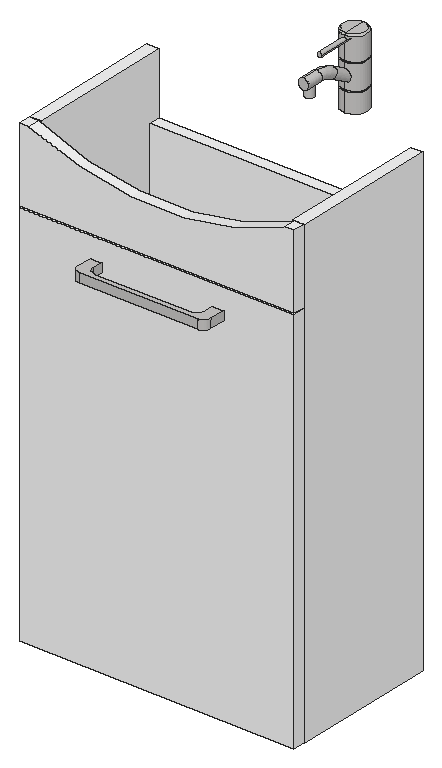
Revit family "42331 - Ifö Spira furniture pack 400 R", category Generic Models, Revit 2015 (continued)
Automatic sketch dimensions
  Masking region 2 sketch curve to Masking region 2 sketch curve = 3.50 mm
  Masking region 2 sketch curve to Masking region 2 sketch curve = 4.999 mm
  Masking region 2 sketch curve to Masking region 2 sketch curve = 12.00 mm
  Masking region 3 sketch curve to Masking region 3 sketch curve = 16.00 mm
  Masking region 3 sketch curve to Masking region 3 sketch curve = 522.00 mm
  Masking region 4 sketch curve to Masking region 4 sketch curve = 11.125 mm
  Masking region 4 sketch curve to Masking region 4 sketch curve = 16.00 mm
  Masking region 4 sketch curve to Masking region 4 sketch curve = 213.803 mm
  Masking region 4 sketch curve to Masking region 4 sketch curve = 95.493 mm
  Masking region 5 sketch curve to Masking region 5 sketch curve = 198.00 mm
  Masking region 5 sketch curve to Masking region 5 sketch curve = 620.713 mm
  Extrusion 1 sketch curve to Extrusion 1 sketch curve = 16.00 mm
  Extrusion 1 sketch curve to Extrusion 1 sketch curve = 198.00 mm
  Extrusion 2 sketch curve to Extrusion 2 sketch curve = 16.00 mm
  Extrusion 2 sketch curve to Extrusion 2 sketch curve = 198.00 mm
  Extrusion 3 sketch curve to Extrusion 3 sketch curve = 338.00 mm
  Extrusion 3 sketch curve to Extrusion 3 sketch curve = 16.00 mm
  Extrusion 4 sketch curve to Extrusion 4 sketch curve = 368.00 mm
  Extrusion 4 sketch curve to Extrusion 4 sketch curve = 16.00 mm
  Extrusion 5 sketch curve to Extrusion 5 sketch curve = 338.00 mm
  Extrusion 5 sketch curve to Extrusion 5 sketch curve = 196.00 mm
  Sweep 6 sketch curve to Sweep 6 sketch curve = 12.00 mm
  Sweep 6 sketch curve to profile plane = 0.00 mm  (x2)
  Sweep 6 sketch curve to profile plane = 14.00 mm
  Sweep 6 sketch curve to Sweep 6 sketch curve = 14.00 mm
  Sweep 6 sketch curve to Sweep 6 sketch curve = 7.00 mm  (x2)
  Sweep 6 sketch curve to Sweep 6 sketch curve = 10.00 mm  (x2)
  profile plane to Sweep 6 sketch curve = 89.50 mm
  Sweep 6 sketch curve to Sweep 6 sketch curve = 15.00 mm
  Sweep 6 sketch curve to profile plane = 64.50 mm
  Sweep 6 sketch curve to Sweep 6 sketch curve = 5.00 mm
  Revolve 7 sketch curve to Revolve 7 sketch curve = 0.00 mm  (x4)
  Revolve 7 sketch curve to Revolve 7 sketch curve = 2.00 mm  (x2)
  Revolve 7 sketch curve to Revolve 7 sketch curve = 2.147 mm  (x3)
  Revolve 7 sketch curve to Revolve 7 sketch curve = 17.00 mm
  Revolve 7 sketch curve to Revolve 7 sketch curve = 30.00 mm
  Revolve 7 sketch curve to Revolve 7 sketch curve = 2.50 mm  (x2)
  Revolve 7 sketch curve to Revolve 7 sketch curve = 32.50 mm
  Revolve 7 sketch curve to Revolve 7 sketch curve = 25.373 mm
  Sweep 8 sketch curve to Sweep 8 sketch curve = 24.24 mm
  Sweep 8 sketch curve to Sweep 8 sketch curve = 6.269 mm
  Sweep 8 sketch curve to Sweep 8 sketch curve = 22.069 mm
  Sweep 8 sketch curve to Sweep 8 sketch curve = 29.214 mm
  Sweep 8 sketch curve to Sweep 8 sketch curve = 16.194 mm
  Sweep 8 sketch curve to profile plane = 0.00 mm
  Sweep 8 sketch curve to profile plane = 185.00 mm
  Extrusion 11 sketch curve to Extrusion 11 sketch curve = 12.05 mm  (x2)
  Extrusion 11 sketch curve to Extrusion 11 sketch curve = 171.95 mm
  Extrusion 11 sketch curve to Extrusion 11 sketch curve = 343.90 mm
  Extrusion 11 sketch curve to Extrusion 11 sketch curve = 363.377 mm
  Extrusion 11 sketch curve to Extrusion 11 sketch curve = 100.00 mm
  Masking region 7 sketch curve to Masking region 7 sketch curve = 368.00 mm
  Masking region 7 sketch curve to Masking region 7 sketch curve = 522.00 mm
  Masking region 8 sketch curve to Masking region 8 sketch curve = 0.00 mm  (x4)
  Masking region 8 sketch curve to Masking region 8 sketch curve = 2.00 mm  (x5)
  Masking region 8 sketch curve to Masking region 8 sketch curve = 2.147 mm  (x3)
  Masking region 8 sketch curve to Masking region 8 sketch curve = 15.146 mm
  Masking region 8 sketch curve to Masking region 8 sketch curve = 29.707 mm
  Masking region 8 sketch curve to Masking region 8 sketch curve = 30.00 mm  (x3)
  Masking region 8 sketch curve to Masking region 8 sketch curve = 94.592 mm
  Masking region 8 sketch curve to Masking region 8 sketch curve = 2.50 mm  (x4)
  Masking region 8 sketch curve to Masking region 8 sketch curve = 32.50 mm
  Masking region 8 sketch curve to Masking region 8 sketch curve = 23.057 mm
  Masking region 17 sketch curve to Masking region 17 sketch curve = 1.00 mm  (x4)
  Masking region 17 sketch curve to Masking region 17 sketch curve = 0.00 mm  (x2)
  Masking region 17 sketch curve to Masking region 17 sketch curve = 15.00 mm  (x2)
  Masking region 17 sketch curve to Masking region 17 sketch curve = 158.026 mm
  Masking region 17 sketch curve to Masking region 17 sketch curve = 53.948 mm
  Masking region 17 sketch curve to Masking region 17 sketch curve = 338.00 mm
  Masking region 17 sketch curve to Masking region 17 sketch curve = 368.00 mm
  Masking region 17 sketch curve to Masking region 17 sketch curve = 522.00 mm
  Masking region 17 sketch curve to Masking region 17 sketch curve = 2.00 mm
  Masking region 17 sketch curve to Masking region 17 sketch curve = 89.917 mm  (x2)
  Masking region 17 sketch curve to Masking region 17 sketch curve = 0.32 mm  (x2)
  Masking region 18 sketch curve to Masking region 18 sketch curve = 368.00 mm
  Masking region 18 sketch curve to Masking region 18 sketch curve = 522.00 mm
  Masking region 19 sketch curve to Masking region 19 sketch curve = 0.00 mm  (x4)
  Masking region 19 sketch curve to Masking region 19 sketch curve = 2.00 mm  (x5)
  Masking region 19 sketch curve to Masking region 19 sketch curve = 2.147 mm  (x3)
  Masking region 19 sketch curve to Masking region 19 sketch curve = 15.146 mm
  Masking region 19 sketch curve to Masking region 19 sketch curve = 29.707 mm
  Masking region 19 sketch curve to Masking region 19 sketch curve = 30.00 mm  (x3)
  Masking region 19 sketch curve to Masking region 19 sketch curve = 94.592 mm
  Masking region 19 sketch curve to Masking region 19 sketch curve = 2.50 mm  (x4)
  Masking region 19 sketch curve to Masking region 19 sketch curve = 32.50 mm
  Masking region 19 sketch curve to Masking region 19 sketch curve = 23.057 mm
  Masking region 21 sketch curve to Masking region 21 sketch curve = 1.00 mm  (x4)
  Masking region 21 sketch curve to Masking region 21 sketch curve = 0.00 mm  (x2)
  Masking region 21 sketch curve to Masking region 21 sketch curve = 15.00 mm  (x2)
  Masking region 21 sketch curve to Masking region 21 sketch curve = 158.026 mm
  Masking region 21 sketch curve to Masking region 21 sketch curve = 53.948 mm
  Masking region 21 sketch curve to Masking region 21 sketch curve = 338.00 mm
  Masking region 21 sketch curve to Masking region 21 sketch curve = 368.00 mm
  Masking region 21 sketch curve to Masking region 21 sketch curve = 522.00 mm
  Masking region 21 sketch curve to Masking region 21 sketch curve = 2.00 mm
  Masking region 21 sketch curve to Masking region 21 sketch curve = 89.917 mm  (x2)
  Masking region 21 sketch curve to Masking region 21 sketch curve = 0.32 mm  (x2)
  Masking region 11 sketch curve to Masking region 11 sketch curve = 0.00 mm  (x7)
  Masking region 11 sketch curve to Masking region 11 sketch curve = 3.986 mm
  Masking region 11 sketch curve to Masking region 11 sketch curve = 12.029 mm
  Masking region 11 sketch curve to Masking region 11 sketch curve = 5.871 mm
  Masking region 11 sketch curve to Masking region 11 sketch curve = 5.528 mm
  Masking region 11 sketch curve to Masking region 11 sketch curve = 21.191 mm
  Masking region 11 sketch curve to Masking region 11 sketch curve = 6.787 mm
  Masking region 11 sketch curve to Masking region 11 sketch curve = 18.667 mm
  Masking region 11 sketch curve to Masking region 11 sketch curve = 2.00 mm  (x4)
  Masking region 11 sketch curve to Masking region 11 sketch curve = 2.147 mm  (x3)
  Masking region 11 sketch curve to Masking region 11 sketch curve = 29.707 mm
  Masking region 11 sketch curve to Masking region 11 sketch curve = 30.00 mm  (x3)
  Masking region 11 sketch curve to Masking region 11 sketch curve = 13.285 mm
  Masking region 11 sketch curve to Masking region 11 sketch curve = 25.25 mm  (x2)
  Masking region 11 sketch curve to Masking region 11 sketch curve = 2.50 mm  (x4)
  Masking region 11 sketch curve to Masking region 11 sketch curve = 9.656 mm
  Masking region 11 sketch curve to Masking region 11 sketch curve = 32.81 mm
  Masking region 11 sketch curve to Masking region 11 sketch curve = 5.42 mm
  Masking region 11 sketch curve to Masking region 11 sketch curve = 16.007 mm
  Masking region 11 sketch curve to Masking region 11 sketch curve = 10.90 mm
  Masking region 11 sketch curve to Masking region 11 sketch curve = 6.837 mm
  Masking region 11 sketch curve to Masking region 11 sketch curve = 12.245 mm
  Masking region 11 sketch curve to Masking region 11 sketch curve = 21.634 mm
  Masking region 11 sketch curve to Masking region 11 sketch curve = 5.999 mm
  Masking region 11 sketch curve to Masking region 11 sketch curve = 2.367 mm
  Masking region 12 sketch curve to Masking region 12 sketch curve = 31.003 mm
  Masking region 12 sketch curve to Masking region 12 sketch curve = 3.50 mm
  Masking region 12 sketch curve to Masking region 12 sketch curve = 4.999 mm
  Masking region 12 sketch curve to Masking region 12 sketch curve = 12.00 mm
  Masking region 13 sketch curve to Masking region 13 sketch curve = 16.00 mm
  Masking region 13 sketch curve to Masking region 13 sketch curve = 522.00 mm
  Masking region 14 sketch curve to Masking region 14 sketch curve = 11.125 mm
  Masking region 14 sketch curve to Masking region 14 sketch curve = 16.00 mm
  Masking region 14 sketch curve to Masking region 14 sketch curve = 213.803 mm
  Masking region 14 sketch curve to Masking region 14 sketch curve = 95.493 mm
  Masking region 15 sketch curve to Masking region 15 sketch curve = 198.00 mm
  Masking region 15 sketch curve to Masking region 15 sketch curve = 620.713 mm
  Extrusion 16 sketch curve to Extrusion 16 sketch curve = 16.00 mm
  Extrusion 16 sketch curve to Extrusion 16 sketch curve = 198.00 mm
  Extrusion 17 sketch curve to Extrusion 17 sketch curve = 16.00 mm
  Extrusion 17 sketch curve to Extrusion 17 sketch curve = 198.00 mm
  Extrusion 18 sketch curve to Extrusion 18 sketch curve = 338.00 mm
  Extrusion 18 sketch curve to Extrusion 18 sketch curve = 16.00 mm
  Extrusion 19 sketch curve to Extrusion 19 sketch curve = 368.00 mm
  Extrusion 19 sketch curve to Extrusion 19 sketch curve = 16.00 mm
  Extrusion 20 sketch curve to Extrusion 20 sketch curve = 338.00 mm
  Extrusion 20 sketch curve to Extrusion 20 sketch curve = 196.00 mm
  Sweep 21 sketch curve to Sweep 21 sketch curve = 12.00 mm
  Sweep 21 sketch curve to profile plane = 0.00 mm  (x2)
  Sweep 21 sketch curve to profile plane = 14.00 mm
  Sweep 21 sketch curve to Sweep 21 sketch curve = 14.00 mm
  Sweep 21 sketch curve to Sweep 21 sketch curve = 7.00 mm  (x2)
  Sweep 21 sketch curve to Sweep 21 sketch curve = 10.00 mm  (x2)
  profile plane to Sweep 21 sketch curve = 89.50 mm
  Sweep 21 sketch curve to Sweep 21 sketch curve = 15.00 mm
  Sweep 21 sketch curve to profile plane = 64.50 mm
  Sweep 21 sketch curve to Sweep 21 sketch curve = 5.00 mm
  Extrusion 22 sketch curve to Extrusion 22 sketch curve = 12.05 mm  (x2)
  Extrusion 22 sketch curve to Extrusion 22 sketch curve = 171.95 mm
  Extrusion 22 sketch curve to Extrusion 22 sketch curve = 343.90 mm
  Extrusion 22 sketch curve to Extrusion 22 sketch curve = 363.377 mm
  Extrusion 22 sketch curve to Extrusion 22 sketch curve = 100.00 mm
  Revolve 12 sketch curve to Revolve 12 sketch curve = 0.00 mm  (x4)
  Revolve 12 sketch curve to Revolve 12 sketch curve = 2.00 mm  (x2)
  Revolve 12 sketch curve to Revolve 12 sketch curve = 2.147 mm  (x3)
  Revolve 12 sketch curve to Revolve 12 sketch curve = 17.00 mm
  Revolve 12 sketch curve to Revolve 12 sketch curve = 30.00 mm
  Revolve 12 sketch curve to Revolve 12 sketch curve = 2.50 mm  (x2)
  Revolve 12 sketch curve to Revolve 12 sketch curve = 32.50 mm
  Revolve 12 sketch curve to Revolve 12 sketch curve = 25.373 mm
  Sweep 13 sketch curve to Sweep 13 sketch curve = 24.24 mm
  Sweep 13 sketch curve to Sweep 13 sketch curve = 6.269 mm
  Sweep 13 sketch curve to Sweep 13 sketch curve = 22.069 mm
  Sweep 13 sketch curve to Sweep 13 sketch curve = 29.214 mm
  Sweep 13 sketch curve to Sweep 13 sketch curve = 16.194 mm
  Sweep 13 sketch curve to profile plane = 0.00 mm
  Sweep 13 sketch curve to profile plane = 185.00 mm
  curve 138 to curve 140 = 0.177 mm
  curve 140 to curve 141 = 5.288 mm
  curve 141 to curve 19 = 103.496 mm
  curve 19 to curve 24 = 18.048 mm
  curve 20 to curve 26 = 18.048 mm
  curve 26 to curve 25 = 6.952 mm
  curve 22 to curve 25 = 0.00 mm
  curve 138 to curve 57 = 171.487 mm
  curve 57 to curve 58 = 26.974 mm
  curve 57 to curve 92 = 53.948 mm
  curve 25 to curve 29 = 129.00 mm
  curve 29 to curve 22 = 0.00 mm
  curve 29 to curve 30 = 6.952 mm
  curve 27 to curve 28 = 6.952 mm
  curve 30 to curve 18 = 18.048 mm
  curve 32 to curve 27 = 211.497 mm
  curve 32 to curve 37 = 0.986 mm
  curve 37 to curve 38 = 6.014 mm
  curve 34 to curve 38 = 0.00 mm
  curve 36 to curve 33 = 0.986 mm
  curve 55 to curve 143 = 325.993 mm
  curve 143 to curve 142 = 5.288 mm
  curve 25 to curve 29 = 0.00 mm
  curve 25 to curve 26 = 66.14 mm
  curve 29 to curve 30 = 66.14 mm
  curve 30 to curve 18 = 4.16 mm
  curve 26 to curve 21 = 4.16 mm
  curve 20 to curve 22 = 9.306 mm
  curve 17 to curve 16 = 12.00 mm
  curve 20 to curve 21 = 12.00 mm
  curve 16 to curve 28 = 4.175 mm
  curve 19 to curve 24 = 4.175 mm
  curve 28 to curve 27 = 66.14 mm
  curve 24 to curve 23 = 66.14 mm
  curve 23 to curve 141 = 118.495 mm
  curve 141 to curve 140 = 3.483 mm
  curve 143 to curve 142 = 3.483 mm
  curve 140 to curve 138 = 3.004 mm
  curve 138 to curve 33 = 44.264 mm
  curve 33 to curve 35 = 1.725 mm
  curve 35 to curve 38 = 17.90 mm
  curve 38 to curve 34 = 23.388 mm
  curve 34 to curve 58 = 318.432 mm
  curve 58 to curve 57 = 178.92 mm
  curve 92 to curve 57 = 0.00 mm
  curve 141 to curve 140 = 0.00 mm
  curve 141 to curve 140 = 1.50 mm
  curve 141 to curve 92 = 8.996 mm
  curve 15 to curve 25 = 119.50 mm
  curve 92 to curve 23 = 11.822 mm
  curve 58 to curve 92 = 0.00 mm
  curve 24 to curve 23 = 2.368 mm
  curve 19 to curve 24 = 0.00 mm
  curve 20 to curve 26 = 3.048 mm
  curve 26 to curve 20 = 0.00 mm
  curve 24 to curve 23 = 0.00 mm
  curve 26 to curve 26 = 2.368 mm
  curve 25 to curve 26 = 0.00 mm
  curve 31 to curve 25 = 0.00 mm
  curve 31 to curve 29 = 0.00 mm
  curve 28 to curve 27 = 0.00 mm
  curve 30 to curve 29 = 0.68 mm
  curve 30 to curve 29 = 0.00 mm
  curve 30 to curve 30 = 2.368 mm
  curve 28 to curve 16 = 2.368 mm
  curve 30 to curve 18 = 0.00 mm
  curve 16 to curve 28 = 0.00 mm
  curve 57 to curve 58 = 0.00 mm
  curve 56 to curve 34 = 17.00 mm
  curve 44 to curve 55 = 8.00 mm
  curve 43 to curve 44 = 0.00 mm  (x2)
  curve 41 to curve 41 = 7.944 mm
  curve 42 to curve 41 = 0.00 mm
  curve 55 to curve 43 = 7.944 mm
  curve 40 to curve 40 = 8.00 mm
  curve 39 to curve 40 = 0.00 mm
  curve 34 to curve 56 = 17.00 mm
  curve 15 to curve 15 = 368.00 mm
  curve 57 to curve 143 = 8.996 mm
  curve 142 to curve 138 = 0.177 mm
  curve 142 to curve 143 = 2.336 mm
  curve 142 to curve 143 = 0.00 mm
  curve 143 to curve 143 = 1.50 mm
  curve 15 to curve 25 = 411.70 mm
  curve 25 to curve 31 = 0.001 mm
  curve 44 to curve 55 = 19.121 mm
  curve 44 to curve 43 = 2.50 mm
  curve 41 to curve 37 = 0.164 mm
  curve 40 to curve 36 = 0.164 mm
  curve 40 to curve 39 = 2.50 mm
  curve 41 to curve 42 = 2.50 mm
  curve 42 to curve 32 = 1.246 mm
  curve 39 to curve 33 = 1.246 mm
  curve 34 to curve 56 = 5.366 mm
  curve 139 to curve 144 = 0.177 mm
  curve 144 to curve 145 = 5.288 mm
  curve 145 to curve 97 = 103.496 mm
  curve 97 to curve 102 = 18.048 mm
  curve 98 to curve 104 = 18.048 mm
  curve 104 to curve 103 = 6.952 mm
  curve 100 to curve 103 = 0.00 mm
  curve 139 to curve 135 = 171.487 mm
  curve 135 to curve 136 = 26.974 mm
  curve 135 to curve 137 = 53.948 mm
  curve 103 to curve 107 = 129.00 mm
  curve 107 to curve 100 = 0.00 mm
  curve 107 to curve 108 = 6.952 mm
  curve 105 to curve 106 = 6.952 mm
  curve 108 to curve 96 = 18.048 mm
  curve 110 to curve 105 = 211.497 mm
  curve 110 to curve 115 = 0.986 mm
  curve 115 to curve 116 = 6.014 mm
  curve 112 to curve 116 = 0.00 mm
  curve 114 to curve 111 = 0.986 mm
  curve 133 to curve 147 = 325.993 mm
  curve 147 to curve 146 = 5.288 mm
  curve 103 to curve 107 = 0.00 mm
  curve 103 to curve 104 = 66.14 mm
  curve 107 to curve 108 = 66.14 mm
  curve 108 to curve 96 = 4.16 mm
  curve 104 to curve 99 = 4.16 mm
  curve 98 to curve 100 = 9.306 mm
  curve 95 to curve 94 = 12.00 mm
  curve 98 to curve 99 = 12.00 mm
  curve 94 to curve 106 = 4.175 mm
  curve 97 to curve 102 = 4.175 mm
  curve 106 to curve 105 = 66.14 mm
  curve 102 to curve 101 = 66.14 mm
  curve 101 to curve 145 = 118.495 mm
  curve 145 to curve 144 = 3.483 mm
  curve 147 to curve 146 = 3.483 mm
  curve 144 to curve 139 = 3.004 mm
  curve 139 to curve 111 = 44.264 mm
  curve 111 to curve 113 = 1.725 mm
  curve 113 to curve 116 = 17.90 mm
  curve 116 to curve 112 = 23.388 mm
  curve 112 to curve 136 = 318.432 mm
  curve 136 to curve 135 = 178.92 mm
  curve 137 to curve 135 = 0.00 mm
  curve 145 to curve 144 = 0.00 mm
  curve 145 to curve 144 = 1.50 mm
  curve 145 to curve 137 = 8.996 mm
  curve 93 to curve 103 = 119.50 mm
  curve 137 to curve 101 = 11.822 mm
  curve 136 to curve 137 = 0.00 mm
  curve 102 to curve 101 = 2.368 mm
  curve 97 to curve 102 = 0.00 mm
  curve 98 to curve 104 = 3.048 mm
  curve 104 to curve 98 = 0.00 mm
  curve 102 to curve 101 = 0.00 mm
  curve 104 to curve 104 = 2.368 mm
  curve 103 to curve 104 = 0.00 mm
  curve 109 to curve 103 = 0.00 mm
  curve 109 to curve 107 = 0.00 mm
  curve 106 to curve 105 = 0.00 mm
  curve 108 to curve 107 = 0.68 mm
  curve 108 to curve 107 = 0.00 mm
  curve 108 to curve 108 = 2.368 mm
  curve 106 to curve 94 = 2.368 mm
  curve 108 to curve 96 = 0.00 mm
  curve 94 to curve 106 = 0.00 mm
  curve 135 to curve 136 = 0.00 mm
  curve 134 to curve 112 = 17.00 mm
  curve 122 to curve 133 = 8.00 mm
  curve 121 to curve 122 = 0.00 mm  (x2)
  curve 119 to curve 119 = 7.944 mm
  curve 120 to curve 119 = 0.00 mm
  curve 133 to curve 121 = 7.944 mm
  curve 118 to curve 118 = 8.00 mm
  curve 117 to curve 118 = 0.00 mm
  curve 112 to curve 134 = 17.00 mm
  curve 93 to curve 93 = 368.00 mm
  curve 135 to curve 147 = 8.996 mm
  curve 146 to curve 139 = 0.177 mm
  curve 146 to curve 147 = 2.336 mm
  curve 146 to curve 147 = 0.00 mm
  curve 147 to curve 147 = 1.50 mm
  curve 93 to curve 103 = 411.70 mm
  curve 103 to curve 109 = 0.001 mm
  curve 122 to curve 133 = 19.121 mm
  curve 122 to curve 121 = 2.50 mm
  curve 119 to curve 115 = 0.164 mm
  curve 118 to curve 114 = 0.164 mm
  curve 118 to curve 117 = 2.50 mm
  curve 119 to curve 120 = 2.50 mm
  curve 120 to curve 110 = 1.246 mm
  curve 117 to curve 111 = 1.246 mm
  curve 112 to curve 134 = 5.366 mm
  Masking region 10 sketch curve to Masking region 10 sketch curve = 0.00 mm  (x34)
  plane 1 "Center (Front/Back)" to Masking region 10 sketch curve = 0.00 mm
  Masking region 10 sketch curve to plane 3 "Center (Left/Right)" = 0.00 mm
  plane 3 "Center (Left/Right)" to Masking region 10 sketch curve = 15.013 mm
  plane 3 "Center (Left/Right)" to Masking region 10 sketch curve = 16.176 mm
  Masking region 10 sketch curve to Masking region 10 sketch curve = 9.561 mm  (x2)
  plane 3 "Center (Left/Right)" to Masking region 10 sketch curve = 27.163 mm
  plane 3 "Center (Left/Right)" to Masking region 10 sketch curve = 73.102 mm
  Masking region 10 sketch curve to Masking region 10 sketch curve = 6.351 mm  (x2)
  Masking region 10 sketch curve to Masking region 10 sketch curve = 22.009 mm  (x2)
  Masking region 10 sketch curve to Masking region 10 sketch curve = 113.816 mm  (x2)
  Masking region 10 sketch curve to Masking region 10 sketch curve = 12.052 mm  (x2)
  Masking region 10 sketch curve to Masking region 10 sketch curve = 4.34 mm  (x2)
  Masking region 10 sketch curve to Masking region 10 sketch curve = 13.67 mm  (x2)
  plane 3 "Center (Left/Right)" to Masking region 10 sketch curve = 172.97 mm
  Masking region 10 sketch curve to Masking region 10 sketch curve = 79.873 mm  (x2)
  Masking region 10 sketch curve to Masking region 10 sketch curve = 8.988 mm  (x2)
  plane 1 "Center (Front/Back)" to Masking region 10 sketch curve = 0.545 mm  (x2)
  Masking region 10 sketch curve to Masking region 10 sketch curve = 10.406 mm  (x2)
  Masking region 10 sketch curve to Masking region 10 sketch curve = 2.878 mm  (x2)
  Masking region 10 sketch curve to Masking region 10 sketch curve = 0.629 mm  (x2)
  plane 1 "Center (Front/Back)" to Masking region 10 sketch curve = 1.31 mm  (x2)
  Masking region 10 sketch curve to Masking region 10 sketch curve = 3.936 mm  (x2)
  plane 1 "Center (Front/Back)" to Masking region 10 sketch curve = 93.348 mm  (x2)
  Masking region 10 sketch curve to Masking region 10 sketch curve = 25.518 mm  (x2)
  plane 1 "Center (Front/Back)" to Masking region 10 sketch curve = 45.235 mm  (x2)
  Masking region 10 sketch curve to Masking region 10 sketch curve = 14.485 mm  (x2)
  Masking region 10 sketch curve to Masking region 10 sketch curve = 230.359 mm  (x2)
  plane 3 "Center (Left/Right)" to Masking region 10 sketch curve = 537.378 mm
  Masking region 10 sketch curve to Masking region 10 sketch curve = 521.563 mm  (x2)
  plane 1 "Center (Front/Back)" to Masking region 10 sketch curve = 50.476 mm  (x2)
  Masking region 10 sketch curve to Masking region 10 sketch curve = 2708.315 mm  (x2)
  Masking region 10 sketch curve to plane 3 "Center (Left/Right)" = 15.013 mm
  Masking region 10 sketch curve to plane 3 "Center (Left/Right)" = 16.176 mm
  Masking region 10 sketch curve to plane 3 "Center (Left/Right)" = 27.163 mm
  Masking region 10 sketch curve to plane 3 "Center (Left/Right)" = 73.102 mm
  Masking region 10 sketch curve to plane 3 "Center (Left/Right)" = 172.97 mm
  Masking region 10 sketch curve to plane 3 "Center (Left/Right)" = 537.378 mm
  Masking region 10 sketch curve to plane 1 "Center (Front/Back)" = 469.351 mm
  Masking region 10 sketch curve to Masking region 10 sketch curve = 2.245 mm  (x2)
  Masking region 10 sketch curve to Masking region 10 sketch curve = 1294.081 mm
  Masking region 10 sketch curve to Masking region 10 sketch curve = 302.70 mm  (x2)
  Masking region 10 sketch curve to Masking region 10 sketch curve = 4713.091 mm
  Masking region 10 sketch curve to Masking region 10 sketch curve = 12.022 mm  (x2)
  Masking region 10 sketch curve to Masking region 10 sketch curve = 0.72 mm  (x2)
  Masking region 10 sketch curve to Masking region 10 sketch curve = 1.16 mm  (x2)
  plane 1 "Center (Front/Back)" to Masking region 10 sketch curve = 28.815 mm  (x2)
  Masking region 10 sketch curve to Masking region 10 sketch curve = 1.745 mm  (x2)
  Masking region 10 sketch curve to Masking region 10 sketch curve = 10.20 mm  (x2)
  Masking region 10 sketch curve to Masking region 10 sketch curve = 102.487 mm  (x2)
  Masking region 10 sketch curve to Masking region 10 sketch curve = 38.263 mm
  Masking region 10 sketch curve to Masking region 10 sketch curve = 51.84 mm  (x2)
  Masking region 10 sketch curve to Masking region 10 sketch curve = 4.735 mm  (x2)
  Masking region 10 sketch curve to Masking region 10 sketch curve = 12.009 mm  (x2)
  Masking region 10 sketch curve to Masking region 10 sketch curve = 5.473 mm  (x2)
  plane 1 "Center (Front/Back)" to Masking region 10 sketch curve = 311.77 mm  (x2)
  plane 3 "Center (Left/Right)" to Masking region 10 sketch curve = 35.087 mm
  Masking region 10 sketch curve to Masking region 10 sketch curve = 32.02 mm  (x2)
  Masking region 10 sketch curve to Masking region 10 sketch curve = 3.843 mm  (x2)
  Masking region 10 sketch curve to Masking region 10 sketch curve = 0.999 mm  (x2)
  Masking region 10 sketch curve to Masking region 10 sketch curve = 0.293 mm  (x2)
  Masking region 10 sketch curve to Masking region 10 sketch curve = 0.073 mm  (x2)
  Masking region 9 sketch curve to Masking region 9 sketch curve = 1788.884 mm  (x2)
  Masking region 9 sketch curve to Masking region 9 sketch curve = 53.33 mm  (x2)
  Masking region 9 sketch curve to Masking region 9 sketch curve = 185.764 mm  (x2)
  Masking region 9 sketch curve to Masking region 9 sketch curve = 4.275 mm
  Masking region 9 sketch curve to Masking region 9 sketch curve = 4.30 mm  (x2)
  Masking region 9 sketch curve to Masking region 9 sketch curve = 5.523 mm
  Masking region 9 sketch curve to Masking region 9 sketch curve = 5.212 mm  (x2)
  Masking region 9 sketch curve to Masking region 9 sketch curve = 5.583 mm
  Masking region 9 sketch curve to Masking region 9 sketch curve = 0.741 mm
  Masking region 9 sketch curve to Masking region 9 sketch curve = 3.451 mm
  Masking region 9 sketch curve to Masking region 9 sketch curve = 3.379 mm  (x2)
  Masking region 9 sketch curve to Masking region 9 sketch curve = 1.904 mm  (x2)
  Masking region 9 sketch curve to Masking region 9 sketch curve = 2.162 mm  (x2)
  Masking region 9 sketch curve to Masking region 9 sketch curve = 6.811 mm
  Masking region 9 sketch curve to Masking region 9 sketch curve = 4.143 mm
  Masking region 9 sketch curve to Masking region 9 sketch curve = 6.385 mm  (x2)
  Masking region 9 sketch curve to Masking region 9 sketch curve = 0.371 mm  (x2)
  Masking region 9 sketch curve to Masking region 9 sketch curve = 5.905 mm  (x2)
  Masking region 9 sketch curve to Masking region 9 sketch curve = 3.557 mm  (x2)
  Masking region 9 sketch curve to Masking region 9 sketch curve = 1.00 mm  (x2)
  Masking region 9 sketch curve to Masking region 9 sketch curve = 1.059 mm  (x2)
  Masking region 9 sketch curve to Masking region 9 sketch curve = 11.638 mm  (x2)
  Masking region 9 sketch curve to Masking region 9 sketch curve = 17.309 mm
  Masking region 9 sketch curve to Masking region 9 sketch curve = 17.751 mm  (x2)
  Masking region 9 sketch curve to Masking region 9 sketch curve = 63.505 mm
  Masking region 9 sketch curve to Masking region 9 sketch curve = 71.518 mm
  Masking region 9 sketch curve to Masking region 9 sketch curve = 177.843 mm  (x2)
  Masking region 9 sketch curve to Masking region 9 sketch curve = 112.482 mm
  Masking region 9 sketch curve to Masking region 9 sketch curve = 53.948 mm
  Masking region 9 sketch curve to Masking region 9 sketch curve = 224.963 mm
  Masking region 9 sketch curve to Masking region 9 sketch curve = 122.997 mm
  Masking region 9 sketch curve to Masking region 9 sketch curve = 16.707 mm
  Masking region 9 sketch curve to Masking region 9 sketch curve = 282.624 mm
  Masking region 9 sketch curve to Masking region 9 sketch curve = 30.731 mm  (x2)
  Masking region 9 sketch curve to Masking region 9 sketch curve = 3.269 mm  (x2)
  Masking region 9 sketch curve to Masking region 9 sketch curve = 3.908 mm
  Masking region 9 sketch curve to Masking region 9 sketch curve = 7.553 mm
  Masking region 9 sketch curve to Masking region 9 sketch curve = 1.391 mm
  Masking region 9 sketch curve to Masking region 9 sketch curve = 23.994 mm
  Masking region 9 sketch curve to Masking region 9 sketch curve = 2.638 mm
  Masking region 9 sketch curve to Masking region 9 sketch curve = 5.355 mm
  Masking region 9 sketch curve to Masking region 9 sketch curve = 6.324 mm
  Masking region 9 sketch curve to Masking region 9 sketch curve = 2531.953 mm
  Masking region 9 sketch curve to Masking region 9 sketch curve = 0.00 mm  (x55)
  Masking region 9 sketch curve to Masking region 9 sketch curve = 1405.643 mm
  Masking region 9 sketch curve to Masking region 9 sketch curve = 75.305 mm  (x2)
  Masking region 9 sketch curve to Masking region 9 sketch curve = 79.856 mm  (x2)
  Masking region 9 sketch curve to Masking region 9 sketch curve = 10.06 mm  (x2)
  Masking region 9 sketch curve to Masking region 9 sketch curve = 0.32 mm  (x2)
  Masking region 9 sketch curve to Masking region 9 sketch curve = 1.204 mm  (x2)
  Masking region 9 sketch curve to Masking region 9 sketch curve = 2.828 mm  (x2)
  Masking region 9 sketch curve to Masking region 9 sketch curve = 1.455 mm  (x2)
  Masking region 9 sketch curve to Masking region 9 sketch curve = 5.495 mm  (x2)
  Masking region 9 sketch curve to Masking region 9 sketch curve = 4.066 mm  (x2)
  Masking region 9 sketch curve to Masking region 9 sketch curve = 0.749 mm  (x2)
  Masking region 9 sketch curve to Masking region 9 sketch curve = 2.036 mm  (x2)
  Masking region 9 sketch curve to Masking region 9 sketch curve = 6.977 mm  (x2)
  Masking region 9 sketch curve to Masking region 9 sketch curve = 4.511 mm  (x2)
  Masking region 9 sketch curve to Masking region 9 sketch curve = 10.109 mm  (x2)
  Masking region 9 sketch curve to Masking region 9 sketch curve = 7.666 mm  (x2)
  Masking region 9 sketch curve to Masking region 9 sketch curve = 18.099 mm  (x2)
  Masking region 9 sketch curve to Masking region 9 sketch curve = 42.763 mm  (x2)
  Masking region 9 sketch curve to Masking region 9 sketch curve = 16.971 mm  (x2)
  Masking region 9 sketch curve to Masking region 9 sketch curve = 2.848 mm  (x2)
  Masking region 9 sketch curve to Masking region 9 sketch curve = 20.737 mm  (x2)
  Masking region 9 sketch curve to Masking region 9 sketch curve = 5.002 mm  (x2)
  Masking region 9 sketch curve to Masking region 9 sketch curve = 1.216 mm  (x2)
  Masking region 9 sketch curve to Masking region 9 sketch curve = 2.687 mm  (x2)
  Masking region 9 sketch curve to Masking region 9 sketch curve = 4.686 mm
  Masking region 9 sketch curve to Masking region 9 sketch curve = 4.739 mm
  Masking region 9 sketch curve to Masking region 9 sketch curve = 305.712 mm  (x2)
  Masking region 9 sketch curve to Masking region 9 sketch curve = 1.703 mm
  Masking region 9 sketch curve to Masking region 9 sketch curve = 0.054 mm  (x2)
  Masking region 9 sketch curve to Masking region 9 sketch curve = 0.866 mm  (x2)
  Masking region 9 sketch curve to Masking region 9 sketch curve = 5.005 mm
  Masking region 9 sketch curve to Masking region 9 sketch curve = 14.735 mm
  Masking region 20 sketch curve to Masking region 20 sketch curve = 1788.884 mm  (x2)
  Masking region 20 sketch curve to Masking region 20 sketch curve = 53.33 mm  (x2)
  Masking region 20 sketch curve to Masking region 20 sketch curve = 185.764 mm  (x2)
  Masking region 20 sketch curve to Masking region 20 sketch curve = 4.275 mm
  Masking region 20 sketch curve to Masking region 20 sketch curve = 4.30 mm  (x2)
  Masking region 20 sketch curve to Masking region 20 sketch curve = 5.523 mm
  Masking region 20 sketch curve to Masking region 20 sketch curve = 5.212 mm  (x2)
  Masking region 20 sketch curve to Masking region 20 sketch curve = 5.583 mm
  Masking region 20 sketch curve to Masking region 20 sketch curve = 0.741 mm
  Masking region 20 sketch curve to Masking region 20 sketch curve = 3.451 mm
  Masking region 20 sketch curve to Masking region 20 sketch curve = 3.379 mm  (x2)
  Masking region 20 sketch curve to Masking region 20 sketch curve = 1.904 mm  (x2)
  Masking region 20 sketch curve to Masking region 20 sketch curve = 2.162 mm  (x2)
  Masking region 20 sketch curve to Masking region 20 sketch curve = 6.811 mm
  Masking region 20 sketch curve to Masking region 20 sketch curve = 4.143 mm
  Masking region 20 sketch curve to Masking region 20 sketch curve = 6.385 mm  (x2)
  Masking region 20 sketch curve to Masking region 20 sketch curve = 0.371 mm  (x2)
  Masking region 20 sketch curve to Masking region 20 sketch curve = 5.905 mm  (x2)
  Masking region 20 sketch curve to Masking region 20 sketch curve = 3.557 mm  (x2)
  Masking region 20 sketch curve to Masking region 20 sketch curve = 1.00 mm  (x2)
  Masking region 20 sketch curve to Masking region 20 sketch curve = 1.059 mm  (x2)
  Masking region 20 sketch curve to Masking region 20 sketch curve = 11.638 mm  (x2)
  Masking region 20 sketch curve to Masking region 20 sketch curve = 17.309 mm
  Masking region 20 sketch curve to Masking region 20 sketch curve = 17.751 mm  (x2)
  Masking region 20 sketch curve to Masking region 20 sketch curve = 63.505 mm
  Masking region 20 sketch curve to Masking region 20 sketch curve = 71.518 mm
  Masking region 20 sketch curve to Masking region 20 sketch curve = 177.843 mm  (x2)
  Masking region 20 sketch curve to Masking region 20 sketch curve = 112.482 mm
  Masking region 20 sketch curve to Masking region 20 sketch curve = 53.948 mm
  Masking region 20 sketch curve to Masking region 20 sketch curve = 224.963 mm
  Masking region 20 sketch curve to Masking region 20 sketch curve = 122.997 mm
  Masking region 20 sketch curve to Masking region 20 sketch curve = 16.707 mm
  Masking region 20 sketch curve to Masking region 20 sketch curve = 282.624 mm
  Masking region 20 sketch curve to Masking region 20 sketch curve = 30.731 mm  (x2)
  Masking region 20 sketch curve to Masking region 20 sketch curve = 3.269 mm  (x2)
  Masking region 20 sketch curve to Masking region 20 sketch curve = 3.908 mm
  Masking region 20 sketch curve to Masking region 20 sketch curve = 7.553 mm
  Masking region 20 sketch curve to Masking region 20 sketch curve = 1.391 mm
  Masking region 20 sketch curve to Masking region 20 sketch curve = 23.994 mm
  Masking region 20 sketch curve to Masking region 20 sketch curve = 2.638 mm
  Masking region 20 sketch curve to Masking region 20 sketch curve = 5.355 mm
  Masking region 20 sketch curve to Masking region 20 sketch curve = 6.324 mm
  Masking region 20 sketch curve to Masking region 20 sketch curve = 2531.953 mm
  Masking region 20 sketch curve to Masking region 20 sketch curve = 0.00 mm  (x55)
  Masking region 20 sketch curve to Masking region 20 sketch curve = 1405.643 mm
  Masking region 20 sketch curve to Masking region 20 sketch curve = 75.305 mm  (x2)
  Masking region 20 sketch curve to Masking region 20 sketch curve = 79.856 mm  (x2)
  Masking region 20 sketch curve to Masking region 20 sketch curve = 10.06 mm  (x2)
  Masking region 20 sketch curve to Masking region 20 sketch curve = 0.32 mm  (x2)
  Masking region 20 sketch curve to Masking region 20 sketch curve = 1.204 mm  (x2)
  Masking region 20 sketch curve to Masking region 20 sketch curve = 2.828 mm  (x2)
  Masking region 20 sketch curve to Masking region 20 sketch curve = 1.455 mm  (x2)
  Masking region 20 sketch curve to Masking region 20 sketch curve = 5.495 mm  (x2)
  Masking region 20 sketch curve to Masking region 20 sketch curve = 4.066 mm  (x2)
  Masking region 20 sketch curve to Masking region 20 sketch curve = 0.749 mm  (x2)
  Masking region 20 sketch curve to Masking region 20 sketch curve = 2.036 mm  (x2)
  Masking region 20 sketch curve to Masking region 20 sketch curve = 6.977 mm  (x2)
  Masking region 20 sketch curve to Masking region 20 sketch curve = 4.511 mm  (x2)
  Masking region 20 sketch curve to Masking region 20 sketch curve = 10.109 mm  (x2)
  Masking region 20 sketch curve to Masking region 20 sketch curve = 7.666 mm  (x2)
  Masking region 20 sketch curve to Masking region 20 sketch curve = 18.099 mm  (x2)
  Masking region 20 sketch curve to Masking region 20 sketch curve = 42.763 mm  (x2)
  Masking region 20 sketch curve to Masking region 20 sketch curve = 16.971 mm  (x2)
  Masking region 20 sketch curve to Masking region 20 sketch curve = 2.848 mm  (x2)
  Masking region 20 sketch curve to Masking region 20 sketch curve = 20.737 mm  (x2)
  Masking region 20 sketch curve to Masking region 20 sketch curve = 5.002 mm  (x2)
  Masking region 20 sketch curve to Masking region 20 sketch curve = 1.216 mm  (x2)
  Masking region 20 sketch curve to Masking region 20 sketch curve = 2.687 mm  (x2)
  Masking region 20 sketch curve to Masking region 20 sketch curve = 4.686 mm
  Masking region 20 sketch curve to Masking region 20 sketch curve = 4.739 mm
  Masking region 20 sketch curve to Masking region 20 sketch curve = 305.712 mm  (x2)
  Masking region 20 sketch curve to Masking region 20 sketch curve = 1.703 mm
  Masking region 20 sketch curve to Masking region 20 sketch curve = 0.054 mm  (x2)
  Masking region 20 sketch curve to Masking region 20 sketch curve = 0.866 mm  (x2)
  Masking region 20 sketch curve to Masking region 20 sketch curve = 5.005 mm
  Masking region 20 sketch curve to Masking region 20 sketch curve = 14.735 mm
  radius of curve 59 = 37.00 mm
  radius of curve 60 = 23.05 mm
  radius of curve 62 = 14.85 mm
  radius of curve 61 = 17.00 mm
  radius of Sweep 8 sketch curve = 7.00 mm
  radius of Extrusion 9 sketch curve = 3.00 mm
  radius of Extrusion 10 sketch curve = 6.014 mm
  radius of Sweep 13 sketch curve = 7.00 mm
  radius of Extrusion 14 sketch curve = 3.00 mm
  radius of Extrusion 15 sketch curve = 6.014 mm
  radius of curve 34 = 3.00 mm
  radius of curve 112 = 3.00 mm
Connectors
  piping at (120, 0, 721.104), diameter 10, driven by "SupplyPipeDiameter"
    settings: index 1, connector inside diameter 24", connector length 0.00 mm, flow factor 0, pipe flow 0 GPM, pressure drop 0.00 psi, fitting loss kfactor 0, connector angle 0.00°, fixture units 0, engagement length 0.00 mm, angle of deflection 0.00°, flow configuration 0, flow direction 1, fitting loss method 0, system type 20, joint type 0, gender type 0, connector reference index -1, connector utility 0, adjustable connector no, is connector primary yes, connector description ""
  piping at (-120, 0, 721.104), diameter 10, driven by "SupplyPipeDiameter"
    settings: index 2, connector inside diameter 24", connector length 0.00 mm, flow factor 0, pipe flow 0 GPM, pressure drop 0.00 psi, fitting loss kfactor 0, connector angle 0.00°, fixture units 0, engagement length 0.00 mm, angle of deflection 0.00°, flow configuration 0, flow direction 1, fitting loss method 0, system type 19, joint type 0, gender type 0, connector reference index -1, connector utility 0, adjustable connector no, is connector primary no, connector description ""
  piping at (0, -148.025, 721.104), diameter 32, driven by "ReturnPipeDiameter"
    settings: index 3, connector inside diameter 24", connector length 0.00 mm, flow factor 0, pipe flow 0 GPM, pressure drop 0.00 psi, fitting loss kfactor 0, connector angle 0.00°, fixture units 0, engagement length 0.00 mm, angle of deflection 0.00°, flow configuration 0, flow direction 2, fitting loss method 0, system type 16, joint type 0, gender type 0, connector reference index -1, connector utility 0, adjustable connector no, is connector primary no, connector description ""
